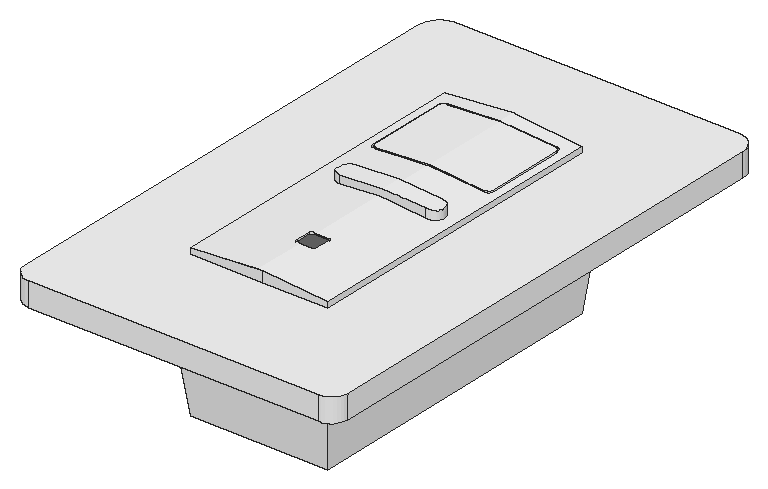
Revit family "1118A_LightHAWK2_PIR", category Communication Devices, host Face, Revit 2021
Family settings
  Host = Face
  Maintain Annotation Orientation = No
  Round Connector Dimension = Use Diameter
  Part Type = Normal
  OmniClass Number = 23.85.80.11.27
  OmniClass Title = Lighting Controls
  Cut with Voids When Loaded = No
  Shared = Yes
  Room Calculation Point = No
Parameters
  Warranty = "5-Years Warranty"  # constant formula
  Type Comments = "LightHAWK®2 Passive Infrared Wall Switch Sensor\r"  # constant formula
  Standby Power = "120VAC: 0.1,277VAC: 0.1,347VAC: 0.4"  # constant formula
  Product Page URL = ""
  Product Documentation Link = ""
  URL = "https://www.currentlighting.com/nxlightingcontrols"
  Model = "Wall Switch Occupancy Sensors\r"  # constant formula
  Manufacturer = " NX Lighting Controls"  # constant formula
  Width = 2.75"
  Features = "Digital passive infrared (PIR) sensor\r\nIntelliDAPT self-adaptive technology—no manual adjustment required \r\nDual circuit has isolated relays \r\n Occupancy (auto-on) and Vacancy (manual-on) operating modes \r\n Available with or without Neutral \r\n 1,000 square-foot, 180° coverage area \r\nRhinoTuff™ vandal resistant lens \r\n 120/277VAC operation  \r\nNo minimum load requirement \r\n Zero Arc Point Switching \r\n Five-year limited warranty \r\n 120-277 Vac and 347 Vac models \r\n Low voltage device: 24 VDC\r\n"  # constant formula
  Black = Paint -  Carbon Black
  Height = 4.50"
  White = Paint -  Matte White
  Description = "The LightHAWK2 Passive Infrared Wall Switch Sensor uses passive\r\ninfrared (PIR) technology to detect motion. The most affordable of the\r\nmotion detecting technologies, this sensor type is ideal for detecting\r\nlarge motion in areas with an unobstructed view of the sensor. This\r\nsensor has a coverage area of up to 1,000 square feet and 180° of\r\ndetection."  # constant formula
  Default Elevation = 48.00"
  Copyright = "Copyright © NX Lighting Controls"  # constant formula
  Contact Us = ""
  Assembly Code = "D5090"
Reference planes (in)
  plane 1 "Center (Front/Back)": y = 13.01342
  plane 2: z = 0
  plane 3 "Center (Left/Right)": x = 0
  plane 4: x = -1.375
  plane 5: x = 1.375
  plane 6: y = 15.26342
  plane 7: y = 10.76342
  plane 8: z = -1.35
  plane 9: z = 0.3
Forms (in)
  Extrusion 1, solid, material "Paint -  Matte White" <- "White"
    sketch origin (0, 0, -0.5) x (1, 0, 0) y (0, 1, 0)
      loop
        arc (-1.17464, 15.26342) -> (-1.31632, 15.20473) -> (-1.375, 15.06306) r 0.20036
        line (-1.375, 15.06306) -> (-1.375, 10.91856)
        arc (-1.375, 10.91856) -> (-1.32956, 10.80886) -> (-1.21986, 10.76342) r 0.15514
        line (-1.21986, 10.76342) -> (1.23768, 10.76342)
        arc (1.23768, 10.76342) -> (1.33478, 10.80364) -> (1.375, 10.90074) r 0.13732
        line (1.375, 10.90074) -> (1.375, 15.08233)
        arc (1.375, 15.08233) -> (1.32196, 15.21038) -> (1.19391, 15.26342) r 0.18109
        line (1.19391, 15.26342) -> (-1.17464, 15.26342)
    from 0.6 to 0.4
  Extrusion 2, solid, material "Paint -  Matte White" <- "White"
    sketch origin (0, 0, 0) x (1, 0, 0) y (0, 1, 0)
      loop
        line (-0.61252, 14.41205) -> (-0.61252, 11.71709) -> (0, 11.71709) -> (0.55202, 11.71709) -> (0.55202, 14.41205) -> (0, 14.41205) -> (-0.61252, 14.41205)
    from 0.23534 to 0.1
  Extrusion 3, solid, material "Paint -  Matte White" <- "White"
    sketch origin (0, -0.15625, -0.15625) x (1, 0, 0) y (0, 1, 0)
      loop
        arc (-0.36532, 13.31515) -> (-0.44943, 13.23104) -> (-0.36532, 13.14693) r 0.08411
        line (-0.36532, 13.14693) -> (0.36532, 13.14693)
        arc (0.36532, 13.14693) -> (0.44943, 13.23104) -> (0.36532, 13.31515) r 0.08411
        line (0.36532, 13.31515) -> (-0.36532, 13.31515)
    from 0.41734 to 0.3
  Extrusion 4, void
    sketch origin (0, 13.01342, -0.15625) x (1, 0, 0) y (0, 0, 1)
      loop
        line (-0.68234, 0.93634) -> (-0.68234, 0.33634)
        arc (-0.68234, 0.33634) -> (0.00087, 0.41153) -> (0.68408, 0.33634) r 3.14149
        line (0.68408, 0.33634) -> (0.68408, 0.93634) -> (-0.68234, 0.93634)
    from 0.07779 to -0.22916
  Extrusion 5, void
    sketch origin (0, 13.01342, 0) x (1, 0, 0) y (0, 0, 1)
      loop
        line (-0.80064, 0.50032) -> (-0.80064, 0.11093)
        arc (-0.80064, 0.11093) -> (-0.03604, 0.19217) -> (0.72866, 0.11196) r 3.66183
        line (0.72866, 0.11196) -> (0.72866, 0.50032) -> (-0.80064, 0.50032)
    from 1.29633 to -1.39863
  Extrusion 6, void
    sketch origin (0, 0, 0) x (1, 0, 0) y (0, 1, 0)
      loop
        arc (-0.05987, 12.32805) -> (-0.07481, 12.32186) -> (-0.081, 12.30692) r 0.02113
        line (-0.081, 12.30692) -> (-0.081, 12.17922)
        arc (-0.081, 12.17922) -> (-0.0748, 12.16425) -> (-0.05983, 12.15805) r 0.02118
        line (-0.05983, 12.15805) -> (0.07098, 12.15805)
        arc (0.07098, 12.15805) -> (0.08505, 12.16387) -> (0.09087, 12.17794) r 0.01989
        line (0.09087, 12.17794) -> (0.09087, 12.30681)
        arc (0.09087, 12.30681) -> (0.08465, 12.32183) -> (0.06964, 12.32805) r 0.02123
        line (0.06964, 12.32805) -> (-0.05987, 12.32805)
    from 0.2 to 0.18
  Extrusion 7, void
    sketch origin (0, 0, 0) x (1, 0, 0) y (0, 1, 0)
      loop
        arc (-0.4785, 14.26887) -> (-0.50959, 14.256) -> (-0.52247, 14.22491) r 0.04396
        line (-0.52247, 14.22491) -> (-0.52247, 13.56121)
        arc (-0.52247, 13.56121) -> (-0.51007, 13.53127) -> (-0.48013, 13.51887) r 0.04234
        line (-0.48013, 13.51887) -> (0.43515, 13.51887)
        arc (0.43515, 13.51887) -> (0.46512, 13.53128) -> (0.47753, 13.56125) r 0.04238
        line (0.47753, 13.56125) -> (0.47753, 14.22788)
        arc (0.47753, 14.22788) -> (0.46552, 14.25687) -> (0.43654, 14.26887) r 0.04099
        line (0.43654, 14.26887) -> (-0.4785, 14.26887)
      loop
        arc (-0.4785, 14.27887) -> (-0.51666, 14.26307) -> (-0.53247, 14.22491) r 0.05396
        line (-0.53247, 14.22491) -> (-0.53247, 13.56121)
        arc (-0.53247, 13.56121) -> (-0.51714, 13.5242) -> (-0.48013, 13.50887) r 0.05234
        line (-0.48013, 13.50887) -> (0.43515, 13.50887)
        arc (0.43515, 13.50887) -> (0.47219, 13.52421) -> (0.48753, 13.56125) r 0.05238
        line (0.48753, 13.56125) -> (0.48753, 14.22788)
        arc (0.48753, 14.22788) -> (0.4726, 14.26394) -> (0.43654, 14.27887) r 0.05099
        line (0.43654, 14.27887) -> (-0.4785, 14.27887)
    from 0.31907 to 0.14375
  Blend 8, solid, material "Paint -  Matte White" <- "White"
    base sketch origin (0, 0, 0) x (1, 0, 0) y (0, 1, 0)
      loop
        line (-0.73509, 14.56519) -> (-0.73509, 11.56519) -> (0.66835, 11.56519) -> (0.66835, 14.56519) -> (-0.73509, 14.56519)
    top sketch origin (0, 0, 0) x (1, 0, 0) y (0, 1, 0)
      loop
        line (-0.61252, 14.41205) -> (-0.61252, 11.71709) -> (0.55202, 11.71709) -> (0.55202, 14.41205) -> (-0.61252, 14.41205)
    from 0 to -1.12608
Cuts and joins
  Extrusion 4 cuts Extrusion 3
  Extrusion 5, Extrusion 6 cuts Extrusion 1
  Extrusion 5, Extrusion 6, Extrusion 7 cuts Extrusion 2
  joined: Extrusion 1, Extrusion 2
Dimensions and locks (in)
  plane 2 to plane 8 = 1.35"
  "Width": plane 4 to plane 5
  equal spacing: plane 4, plane 3 "Center (Left/Right)", plane 5
  "Height": plane 7 to plane 6
  equal spacing: plane 7, plane 1 "Center (Front/Back)", plane 6
  plane 9 to plane 8 = 1.65"
  aligned and locked: plane 2 to host face
  aligned and locked: level to host face
Automatic sketch dimensions
  host sketch curve to host sketch curve = 96.00"  (x2)
  Extrusion 1 sketch curve to plane 4 = 0.00"
  plane 7 to Extrusion 1 sketch curve = 0.00"
  plane 6 to Extrusion 1 sketch curve = 0.00"
  Extrusion 1 sketch curve to plane 5 = 0.00"
  plane 4 to Extrusion 1 sketch curve = 0.15514"
  plane 4 to Extrusion 1 sketch curve = 0.20036"
  Extrusion 1 sketch curve to Extrusion 1 sketch curve = 0.18109"
  Extrusion 1 sketch curve to plane 5 = 0.13732"
  Extrusion 2 sketch curve to plane 3 "Center (Left/Right)" = 0.00"  (x2)
  Extrusion 2 sketch curve to plane 3 "Center (Left/Right)" = 0.61252"
  Extrusion 2 sketch curve to Extrusion 2 sketch curve = 0.55202"
  Extrusion 2 sketch curve to plane 7 = 0.95367"
  plane 6 to Extrusion 2 sketch curve = 0.85137"
  Extrusion 3 sketch curve to plane 1 "Center (Front/Back)" = 0.14548"
  Extrusion 3 sketch curve to plane 3 "Center (Left/Right)" = 0.36532"
  plane 1 "Center (Front/Back)" to Extrusion 3 sketch curve = 0.02274"
  plane 3 "Center (Left/Right)" to Extrusion 3 sketch curve = 0.36532"
  plane 9 to Extrusion 4 sketch curve = 0.11991"
  Extrusion 4 sketch curve to plane 3 "Center (Left/Right)" = 0.68234"
  plane 3 "Center (Left/Right)" to Extrusion 4 sketch curve = 0.00087"
  plane 3 "Center (Left/Right)" to Extrusion 4 sketch curve = 0.68408"
  plane 8 to Extrusion 4 sketch curve = 1.53622"
  Extrusion 4 sketch curve to plane 9 = 0.48009"
  Extrusion 4 sketch curve to Extrusion 4 sketch curve = 0.00"
  level to Extrusion 5 sketch curve = 0.11093"
  plane 4 to Extrusion 5 sketch curve = 0.57436"
  Extrusion 5 sketch curve to plane 3 "Center (Left/Right)" = 0.03357"
  level to Extrusion 5 sketch curve = 0.11196"
  plane 3 "Center (Left/Right)" to Extrusion 5 sketch curve = 0.72866"
  Extrusion 5 sketch curve to plane 9 = 0.20032"
  Extrusion 7 sketch curve to Extrusion 7 sketch curve = 0.00"  (x7)
  Extrusion 7 sketch curve to plane 3 "Center (Left/Right)" = 0.52247"
  Extrusion 7 sketch curve to Extrusion 7 sketch curve = 0.04234"
  Extrusion 7 sketch curve to Extrusion 7 sketch curve = 0.04396"
  plane 3 "Center (Left/Right)" to Extrusion 7 sketch curve = 0.43515"
  plane 3 "Center (Left/Right)" to Extrusion 7 sketch curve = 0.43654"
  Extrusion 7 sketch curve to Extrusion 7 sketch curve = 0.04099"
  Extrusion 7 sketch curve to plane 1 "Center (Front/Back)" = 0.50545"
  Extrusion 7 sketch curve to Extrusion 7 sketch curve = 0.66369"
  Extrusion 7 sketch curve to Extrusion 7 sketch curve = 0.01"
  plane 4 to Blend 8 sketch curve = 0.63991"
  plane 3 "Center (Left/Right)" to Blend 8 sketch curve = 0.66835"
  Blend 8 sketch curve to plane 7 = 0.80177"
  plane 6 to Blend 8 sketch curve = 0.69823"
  Blend 8 sketch curve to plane 3 "Center (Left/Right)" = 0.61252"
  plane 3 "Center (Left/Right)" to Blend 8 sketch curve = 0.55202"
  Blend 8 sketch curve to plane 7 = 0.95367"
  plane 6 to Blend 8 sketch curve = 0.85137"
  Extrusion 6 sketch curve to plane 3 "Center (Left/Right)" = 0.081"
  Extrusion 6 sketch curve to Extrusion 6 sketch curve = 0.02113"
  Extrusion 6 sketch curve to Extrusion 6 sketch curve = 0.02118"
  plane 3 "Center (Left/Right)" to Extrusion 6 sketch curve = 0.06964"
  plane 3 "Center (Left/Right)" to Extrusion 6 sketch curve = 0.07098"
  Extrusion 6 sketch curve to Extrusion 6 sketch curve = 0.01989"
  plane 1 "Center (Front/Back)" to Extrusion 6 sketch curve = 0.85537"
  Extrusion 6 sketch curve to Extrusion 6 sketch curve = 0.12887"
Connectors (in)
  electrical at (0.00464, 13.0023, 0.1)
    settings: on cut or joined group of Extrusion 1, Extrusion 2, Extrusion 5, Extrusion 6, Extrusion 7, index 1, voltage 0 V, apparent load 0 VA, apparent load phase1 0 VA, apparent load phase2 0 VA, apparent load phase3 0 VA, power factor 1, load classification "Other", number of poles 1, system type 14, power factor state 1, is connector primary yes, connector utility no, sub classification motor no, connector description "Wall Switch Occupancy Sensors"
